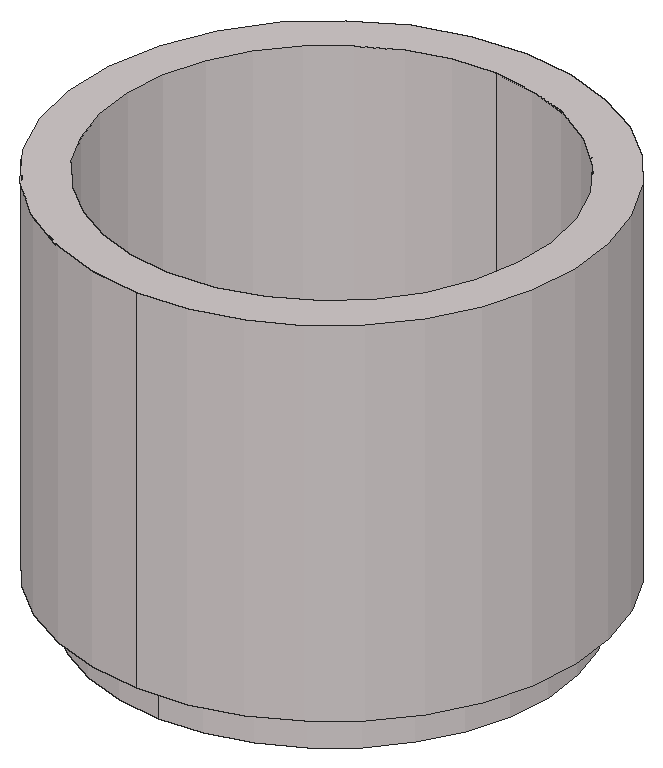
Revit family
Parameters (values of type "619 mm dia.")
  Material of Planter = Planter Material
Reference planes
  plane 1 "Center (Front/Back)": y = 0
  plane 2: z = 0
  plane 3 "Center (Left/Right)": x = -5.376
  plane 4: z = 500
  plane 5: y = 309.582
  plane 6: y = -259.582
  plane 7: y = -309.582
  plane 8: y = 259.582
Forms (mm)
  Extrusion 1, solid, material "Planter Material" <- "Material of Planter"
    sketch origin (0, 0, 0) x (1, 0, 0) y (0, 1, 0)
      loop
        circle (0, 0) r 275
    from 0 to 50
  Extrusion 2, solid, material "Planter Material" <- "Material of Planter"
    sketch origin (0, 0, 0) x (1, 0, 0) y (0, 1, 0)
      loop
        circle (0, 0) r 309.582
      loop
        circle (0, 0) r 259.582
    from 50 to 500
Dimensions and locks
  plane 4 to level = 500 mm
  locked: plane 8 to plane 5 at 50
  locked: plane 7 to plane 6 at 50
  plane 6 to plane 8 = 519.164 mm
  plane 7 to plane 5 = 619.164 mm
  aligned and locked: Extrusion 2 to Extrusion 1
  aligned and locked: plane 4 to Extrusion 2
  aligned and locked: plane 5 to Extrusion 2
  aligned and locked: plane 6 to Extrusion 2
  aligned and locked: plane 7 to Extrusion 2
  aligned and locked: plane 8 to Extrusion 2
